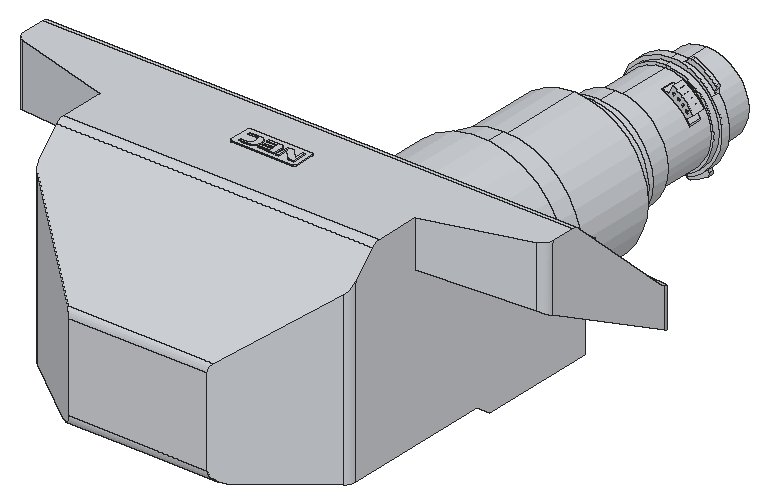
Revit family "NP-39ML", category Generic Models, Revit 2012
Parameters
  URL = "www.necdisplay.com"
  Signal Compatibility/Connectivity - Sync Compatibility = ""
  Signal Compatibility/Connectivity - Supported Video Standards = ""
  Signal Compatibility/Connectivity - Scan Rate, Vertical = ""
  Signal Compatibility/Connectivity - Scan Rate, Horizontal = ""
  Signal Compatibility/Connectivity - SD/HD Video Signal Compatibility = ""
  Signal Compatibility/Connectivity - PC Signal Compatibility = ""
  Signal Compatibility/Connectivity - Networking = ""
  Signal Compatibility/Connectivity - Macintosh Compatibility = ""
  Signal Compatibility/Connectivity - Input/Output Terminals RGB5 (digital) = ""
  Signal Compatibility/Connectivity - Input/Output Terminals RGB4 (digital) = ""
  Signal Compatibility/Connectivity - Input/Output Terminals RGB3 (digital) = ""
  Signal Compatibility/Connectivity - Input/Output Terminals RGB2 (analog) = ""
  Signal Compatibility/Connectivity - Input/Output Terminals RGB1 (analog) = ""
  Signal Compatibility/Connectivity - Input/Output Terminals Option Slot = ""
  Signal Compatibility/Connectivity - Input/Output Terminals Monitor Out = ""
  Signal Compatibility/Connectivity - External Control = ""
  Signal Compatibility/Connectivity - 3D Sync Line = ""
  Regulations = ""
  Power Requirements = ""
  Power Consumption (ECO off/ECO Mode/Standby/Standby-Power Saving = ""
  Optional Lenses = ""
  Optical - Throw Area NP33ZL = ""
  Optical - Throw Area NP34ZL = ""
  Optical - Throw Area NP35ZL = ""
  Optical - Throw Area NP36FL = ""
  Optical - Throw Area NP37ZL = ""
  Optical - Throw Area NP38ZL = ""
  Optical - Screen Size (diagonal) = ""
  Optical - Resolution Native = ""
  Optical - Resolution Maximum = ""
  Optical - Projection Distance = ""
  Optical - Projection Angle = ""
  Optical - Light Output (lumens) = ""
  Optical - Lens* Zoom Ratio = ""
  Optical - Lens* Zoom = ""
  Optical - Lens* Shift = ""
  Optical - Lens* Focus = ""
  Optical - Lens* F-number, f-number NP33ZL = ""
  Optical - Lens* F-number, f-number NP34ZL = ""
  Optical - Lens* F-number, f-number NP35ZL = ""
  Optical - Lens* F-number, f-number NP36ZL = ""
  Optical - Lens* F-number, f-number NP37ZL = ""
  Optical - Lens* F-number, f-number NP38ZL = ""
  Optical - Keystone Correction = ""
  Optical - Display /Technology = ""
  Optical - Contrast Ratio (up to) = ""
  Net Weight = ""
  Model = "NP-39ML"
  Manufacturer = "NEC"
  Optical - Laser Life (up to) = ""
  Installation Orientation = ""
  Input Current = ""
  Fan Noise = ""
  Environmental - Storage = ""
  Environmental - Operating Temperature = ""
  Environmental - Humidity = ""
  Dimensions (WxDxH) = ""
  Description = ""
  * = ""
Reference planes (in)
  plane 1 "Center (Front/Back)": y = 0
  plane 2: z = 0
  plane 3 "Center (Left/Right)": x = 0
Forms (in)
  Extrusion 1, solid
    sketch origin (-2.48334, -7.63686, 0) x (1, 0, 0) y (0, 1, 0)
      loop
        line (3.1378, 11.60941) -> (3.07747, 11.60941) -> (3.07747, 11.38489) -> (2.90117, 11.58138)
        arc (2.90117, 11.58138) -> (2.87276, 11.60208) -> (2.83837, 11.60941) r 0.08438
        line (2.83837, 11.60941) -> (2.73346, 11.60941) -> (2.73346, 11.29285) -> (2.79415, 11.29285) -> (2.79415, 11.52483) -> (2.97721, 11.32184)
        arc (2.97721, 11.32184) -> (3.00672, 11.30042) -> (3.04239, 11.29285) r 0.08778
        line (3.04239, 11.29285) -> (3.1378, 11.29285) -> (3.1378, 11.60941)
      loop
        line (2.30125, 11.60969) -> (2.30125, 11.56219)
        arc (2.30125, 11.56219) -> (2.40463, 11.56432) -> (2.50799, 11.56153) r 2.17708
        arc (2.50799, 11.56153) -> (2.53613, 11.5486) -> (2.54761, 11.51985) r 0.04174
        line (2.54761, 11.51985) -> (2.54761, 11.46251) -> (2.32732, 11.46251) -> (2.32732, 11.41856) -> (2.54761, 11.41856) -> (2.54761, 11.33788) -> (2.30596, 11.33788) -> (2.30596, 11.29285) -> (2.67981, 11.29285) -> (2.67981, 11.53464)
        arc (2.67981, 11.53464) -> (2.65946, 11.58585) -> (2.6095, 11.60912) r 0.0746
        arc (2.6095, 11.60912) -> (2.45538, 11.6137) -> (2.30125, 11.60969) r 2.76498
      loop
        line (1.87658, 11.33421) -> (1.87658, 11.28322)
        arc (1.87658, 11.28322) -> (2.00495, 11.27385) -> (2.13327, 11.28387) r 0.85425
        arc (2.13327, 11.28387) -> (2.23635, 11.3395) -> (2.28118, 11.44771) r 0.17484
        arc (2.28118, 11.44771) -> (2.23635, 11.55592) -> (2.13327, 11.61155) r 0.17484
        arc (2.13327, 11.61155) -> (2.00281, 11.62157) -> (1.87234, 11.61155) r 0.85425
        line (1.87234, 11.61155) -> (1.87234, 11.56)
        arc (1.87234, 11.56) -> (1.97285, 11.57429) -> (2.07336, 11.56) r 0.36062
        arc (2.07336, 11.56) -> (2.10815, 11.54024) -> (2.13029, 11.50691) r 0.08627
        arc (2.13029, 11.50691) -> (2.13845, 11.47777) -> (2.14193, 11.44771) r 0.19174
        arc (2.14193, 11.44771) -> (2.13845, 11.41765) -> (2.13029, 11.3885) r 0.19174
        arc (2.13029, 11.3885) -> (2.10815, 11.35517) -> (2.07336, 11.33542) r 0.08627
        arc (2.07336, 11.33542) -> (1.97505, 11.32113) -> (1.87658, 11.33421) r 0.36062
    from 6.63 to 6.62
  Extrusion 2, solid
    sketch origin (-2.48334, -7.63686, 0) x (1, 0, 0) y (0, 1, 0)
      loop
        line (3.19622, 11.73065) -> (1.80252, 11.73065)
        arc (1.80252, 11.73065) -> (1.76494, 11.71509) -> (1.74937, 11.6775) r 0.05315
        line (1.74937, 11.6775) -> (1.74937, 11.22475)
        arc (1.74937, 11.22475) -> (1.76494, 11.18717) -> (1.80252, 11.1716) r 0.05315
        line (1.80252, 11.1716) -> (3.19622, 11.1716)
        arc (3.19622, 11.1716) -> (3.2338, 11.18717) -> (3.24937, 11.22475) r 0.05315
        line (3.24937, 11.22475) -> (3.24937, 11.6775)
        arc (3.24937, 11.6775) -> (3.2338, 11.71509) -> (3.19622, 11.73065) r 0.05315
    from 6.6063 to 6.62
  Revolve 3, solid
    sketch origin (0, 0, 0) x (0, 1, 0) y (0, 0, 1)
      loop
        line (10.49751, 4.00314) -> (9.80315, 4.00314) -> (9.80315, 2.23622) -> (15.28981, 2.23622) -> (15.28981, 3.33504) -> (15.1378, 3.33504) -> (15.1378, 3.27559) -> (13.72047, 3.27559) -> (13.72047, 3.4252) -> (13.14567, 3.4252) -> (13.14567, 3.5315) -> (12.9685, 3.5315) -> (12.9685, 3.56379) -> (12.94977, 3.59055) -> (12.55906, 3.59055) -> (12.52505, 3.61605) -> (12.52505, 3.9198) -> (10.49751, 3.9198) -> (10.49751, 4.00314)
      loop
        line (16.32456, 3.18504) -> (15.48666, 3.18504) -> (15.48666, 2.23622) -> (16.32456, 2.23622) -> (16.32456, 3.18504)
      axis (9.80315, 2.23622) -> (16.32456, 2.23622)
    angle from 0 to 360
  Revolve 4, solid
    sketch origin (0, 0, 0) x (0, 1, 0) y (0, 0, 1)
      loop
        arc (16.49263, 2.23622) -> (16.45009, 2.61723) -> (16.32456, 2.97947) r 1.72746
        line (16.32456, 2.97947) -> (16.32456, 2.23622) -> (16.49263, 2.23622)
      axis (16.32456, 2.23622) -> (16.49263, 2.23622)
    angle from 0 to 360
  Extrusion 5, solid
    sketch origin (0, 5.19302, 1.92126) x (-1, 0, 0) y (0, 1, 0)
      loop
        arc (1.1811, -1.91634) -> (1.15157, -1.94586) -> (1.1811, -1.97539) r 0.02953
        line (1.1811, -1.97539) -> (1.22327, -1.97539)
        arc (1.22327, -1.97539) -> (1.2666, -2.05722) -> (1.34843, -2.10055) r 0.15748
        line (1.34843, -2.10055) -> (1.34843, -2.14272)
        arc (1.34843, -2.14272) -> (1.37795, -2.17224) -> (1.40748, -2.14272) r 0.02953
        line (1.40748, -2.14272) -> (1.40748, -2.10055)
        arc (1.40748, -2.10055) -> (1.48931, -2.05722) -> (1.53264, -1.97539) r 0.15748
        line (1.53264, -1.97539) -> (1.5748, -1.97539)
        arc (1.5748, -1.97539) -> (1.60433, -1.94586) -> (1.5748, -1.91634) r 0.02953
        line (1.5748, -1.91634) -> (1.53264, -1.91634)
        arc (1.53264, -1.91634) -> (1.48931, -1.83451) -> (1.40748, -1.79118) r 0.15748
        line (1.40748, -1.79118) -> (1.40748, -1.74901)
        arc (1.40748, -1.74901) -> (1.37795, -1.71949) -> (1.34843, -1.74901) r 0.02953
        line (1.34843, -1.74901) -> (1.34843, -1.79118)
        arc (1.34843, -1.79118) -> (1.2666, -1.83451) -> (1.22327, -1.91634) r 0.15748
        line (1.22327, -1.91634) -> (1.1811, -1.91634)
      loop
        circle (1.37795, -1.94586) r 0.08858
      loop
        arc (-1.5748, -0.34153) -> (-1.60433, -0.37106) -> (-1.5748, -0.40059) r 0.02953
        line (-1.5748, -0.40059) -> (-1.53264, -0.40059)
        arc (-1.53264, -0.40059) -> (-1.48931, -0.48242) -> (-1.40748, -0.52575) r 0.15748
        line (-1.40748, -0.52575) -> (-1.40748, -0.56791)
        arc (-1.40748, -0.56791) -> (-1.37795, -0.59744) -> (-1.34843, -0.56791) r 0.02953
        line (-1.34843, -0.56791) -> (-1.34843, -0.52575)
        arc (-1.34843, -0.52575) -> (-1.2666, -0.48242) -> (-1.22327, -0.40059) r 0.15748
        line (-1.22327, -0.40059) -> (-1.1811, -0.40059)
        arc (-1.1811, -0.40059) -> (-1.15157, -0.37106) -> (-1.1811, -0.34153) r 0.02953
        line (-1.1811, -0.34153) -> (-1.22327, -0.34153)
        arc (-1.22327, -0.34153) -> (-1.2666, -0.25971) -> (-1.34843, -0.21637) r 0.15748
        line (-1.34843, -0.21637) -> (-1.34843, -0.17421)
        arc (-1.34843, -0.17421) -> (-1.37795, -0.14468) -> (-1.40748, -0.17421) r 0.02953
        line (-1.40748, -0.17421) -> (-1.40748, -0.21637)
        arc (-1.40748, -0.21637) -> (-1.48931, -0.25971) -> (-1.53264, -0.34153) r 0.15748
        line (-1.53264, -0.34153) -> (-1.5748, -0.34153)
      loop
        circle (-1.37795, -0.37106) r 0.08858
      loop
        arc (-1.53543, -1.91634) -> (-1.56496, -1.94586) -> (-1.53543, -1.97539) r 0.02953
        line (-1.53543, -1.97539) -> (-1.49231, -1.97539)
        arc (-1.49231, -1.97539) -> (-1.46147, -2.02938) -> (-1.40748, -2.06022) r 0.11811
        line (-1.40748, -2.06022) -> (-1.40748, -2.10335)
        arc (-1.40748, -2.10335) -> (-1.37795, -2.13287) -> (-1.34843, -2.10335) r 0.02953
        line (-1.34843, -2.10335) -> (-1.34843, -2.06022)
        arc (-1.34843, -2.06022) -> (-1.29444, -2.02938) -> (-1.26359, -1.97539) r 0.11811
        line (-1.26359, -1.97539) -> (-1.22047, -1.97539)
        arc (-1.22047, -1.97539) -> (-1.19094, -1.94586) -> (-1.22047, -1.91634) r 0.02953
        line (-1.22047, -1.91634) -> (-1.26359, -1.91634)
        arc (-1.26359, -1.91634) -> (-1.29444, -1.86235) -> (-1.34843, -1.83151) r 0.11811
        line (-1.34843, -1.83151) -> (-1.34843, -1.78838)
        arc (-1.34843, -1.78838) -> (-1.37795, -1.75886) -> (-1.40748, -1.78838) r 0.02953
        line (-1.40748, -1.78838) -> (-1.40748, -1.83151)
        arc (-1.40748, -1.83151) -> (-1.46147, -1.86235) -> (-1.49231, -1.91634) r 0.11811
        line (-1.49231, -1.91634) -> (-1.53543, -1.91634)
      loop
        circle (-1.37795, -1.94586) r 0.07874
      loop
        arc (1.22047, -0.34153) -> (1.19094, -0.37106) -> (1.22047, -0.40059) r 0.02953
        line (1.22047, -0.40059) -> (1.26359, -0.40059)
        arc (1.26359, -0.40059) -> (1.29444, -0.45458) -> (1.34843, -0.48542) r 0.11811
        line (1.34843, -0.48542) -> (1.34843, -0.52854)
        arc (1.34843, -0.52854) -> (1.37795, -0.55807) -> (1.40748, -0.52854) r 0.02953
        line (1.40748, -0.52854) -> (1.40748, -0.48542)
        arc (1.40748, -0.48542) -> (1.46147, -0.45458) -> (1.49231, -0.40059) r 0.11811
        line (1.49231, -0.40059) -> (1.53543, -0.40059)
        arc (1.53543, -0.40059) -> (1.56496, -0.37106) -> (1.53543, -0.34153) r 0.02953
        line (1.53543, -0.34153) -> (1.49231, -0.34153)
        arc (1.49231, -0.34153) -> (1.46147, -0.28755) -> (1.40748, -0.2567) r 0.11811
        line (1.40748, -0.2567) -> (1.40748, -0.21358)
        arc (1.40748, -0.21358) -> (1.37795, -0.18405) -> (1.34843, -0.21358) r 0.02953
        line (1.34843, -0.21358) -> (1.34843, -0.2567)
        arc (1.34843, -0.2567) -> (1.29444, -0.28755) -> (1.26359, -0.34153) r 0.11811
        line (1.26359, -0.34153) -> (1.22047, -0.34153)
      loop
        circle (1.37795, -0.37106) r 0.07874
    from 0 to 0.32283
  Extrusion 6, solid
    sketch origin (0, 0, 0) x (1, 0, 0) y (0, 0, 1)
      loop
        arc (-2.23622, 2.23622) -> (0, 0) -> (2.23622, 2.23622) r 2.23622
        line (2.23622, 2.23622) -> (-2.23622, 2.23622)
    from -9.80315 to -5.55174
  Extrusion 7, void
    sketch origin (0, 0, 0) x (0, 1, 0) y (0, 0, 1)
      loop
        line (8.35518, -0.32874) -> (5.58034, 1.64567) -> (9.80315, 1.64567) -> (9.80315, 3.05603) -> (7.50792, 4.27642) -> (7.50792, 2.39567) -> (5.19302, 2.39567) -> (5.19302, -0.32874) -> (8.35518, -0.32874)
    from -2.97244 to 2.97244
  Extrusion 8, solid
    sketch origin (0, 0, 0) x (0, 1, 0) y (0, 0, 1)
      loop
        line (7.64276, 4.44315) -> (7.64276, 2.98979) -> (9.80315, 2.98979) -> (9.80315, 4.33291)
        arc (9.80315, 4.33291) -> (9.77086, 4.41086) -> (9.69291, 4.44315) r 0.11024
        line (9.69291, 4.44315) -> (7.64276, 4.44315)
    from -2.64961 to 2.53937
  Extrusion 9, void
    sketch origin (0, 9.80315, 4.00314) x (0, 0, 1) y (-1, 0, 0)
      loop
        line (-1.06888, -1.84058) -> (-1.06888, -2.68984) -> (0.53943, -2.68984) -> (0.53943, 2.81016) -> (-1.06888, 2.81016) -> (-1.06888, 1.84058)
        arc (-1.06888, 1.84058) -> (0.20158, 0) -> (-1.06888, -1.84058) r 1.9685
    from 0 to 2.29523
  Extrusion 10, void
    sketch origin (0, 0, 0) x (0, 1, 0) y (0, 0, 1)
      loop
        line (8.45976, 3.77032) -> (7.60613, 4.2242) -> (7.60613, 2.9742) -> (9.80315, 2.9742) -> (9.80315, 3.05603) -> (8.45976, 3.77032)
    from -1.95465 to 1.9227
  Extrusion 11, solid
    sketch origin (0, 0, 0) x (0, 1, 0) y (0, 0, 1)
      loop
        arc (0.07841, 4.39391) -> (0.02038, 4.30706) -> (0, 4.20461) r 0.26772
        line (0, 4.20461) -> (0, 2.20002)
        arc (0, 2.20002) -> (0.08165, 2.00291) -> (0.27876, 1.92126) r 0.27876
        line (0.27876, 1.92126) -> (5.19302, 1.92126) -> (5.58034, 1.64567) -> (9.80315, 1.64567) -> (9.80315, 3.05603) -> (7.42664, 4.31964) -> (5.05162, 6.53438)
        arc (5.05162, 6.53438) -> (4.96716, 6.58767) -> (4.86904, 6.6063) r 0.26772
        line (4.86904, 6.6063) -> (2.40169, 6.6063)
        arc (2.40169, 6.6063) -> (2.29924, 6.58592) -> (2.21239, 6.52789) r 0.26772
        line (2.21239, 6.52789) -> (0.07841, 4.39391)
    from -6.5 to 6.5
  Extrusion 12, void
    sketch origin (0, 4.07141, 6.6063) x (-1, 0, 0) y (0, 1, 0)
      loop
        spline (6.08268, 0.23113) -> (6.0812, 0.20636) -> (6.0768, 0.18186) -> (6.06951, 0.15791) -> (6.05942, 0.13476) -> (6.04663, 0.11267) -> (6.0313, 0.09189) -> (6.01358, 0.07264) -> (5.99368, 0.05513) -> (5.9718, 0.03956) -> (5.9482, 0.02611) -> (5.92314, 0.01491) -> (5.89688, 0.00609)
        line (5.89688, 0.00609) -> (3.62205, -0.64268) -> (3.62205, -2.34641)
        arc (3.62205, -2.34641) -> (3.59498, -2.46373) -> (3.51923, -2.55731) r 0.26772
        line (3.51923, -2.55731) -> (1.41591, -4.2019) -> (1.41591, -4.60738) -> (6.91591, -4.60738) -> (6.91591, 6.14262) -> (2.64961, 6.14262) -> (2.64961, 4.47347) -> (5.85192, 3.66207)
        spline (5.85192, 3.66207) -> (5.88323, 3.65652) -> (5.91357, 3.64772) -> (5.9425, 3.63579) -> (5.96963, 3.6209) -> (5.99455, 3.60327) -> (6.01691, 3.58314) -> (6.0364, 3.5608) -> (6.05274, 3.53657) -> (6.0657, 3.5108) -> (6.07509, 3.48385) -> (6.08077, 3.4561) -> (6.08268, 3.42796)
        line (6.08268, 3.42796) -> (6.08268, 0.23113)
      loop
        line (-6.08268, 0.23113) -> (-6.08268, 3.42796)
        spline (-6.08268, 3.42796) -> (-6.08077, 3.4561) -> (-6.07509, 3.48385) -> (-6.0657, 3.5108) -> (-6.05274, 3.53657) -> (-6.0364, 3.5608) -> (-6.01691, 3.58314) -> (-5.99455, 3.60327) -> (-5.96963, 3.6209) -> (-5.9425, 3.63579) -> (-5.91357, 3.64772) -> (-5.88323, 3.65652) -> (-5.85192, 3.66207)
        line (-5.85192, 3.66207) -> (-2.64961, 4.47347) -> (-2.64961, 6.14262) -> (-6.91591, 6.14262) -> (-6.91591, -4.60738) -> (-1.41591, -4.60738) -> (-1.41591, -4.2019) -> (-3.51923, -2.55731)
        arc (-3.51923, -2.55731) -> (-3.59498, -2.46373) -> (-3.62205, -2.34641) r 0.26772
        line (-3.62205, -2.34641) -> (-3.62205, -0.64268) -> (-5.89688, 0.00609)
        spline (-5.89688, 0.00609) -> (-5.92314, 0.01491) -> (-5.9482, 0.02611) -> (-5.9718, 0.03956) -> (-5.99368, 0.05513) -> (-6.01358, 0.07264) -> (-6.0313, 0.09189) -> (-6.04663, 0.11267) -> (-6.05942, 0.13476) -> (-6.06951, 0.15791) -> (-6.0768, 0.18186) -> (-6.0812, 0.20636) -> (-6.08268, 0.23113)
    from -0.31301 to 5.11333
  Extrusion 13, solid
    sketch origin (0, 0, 0) x (1, 0, 0) y (0, 1, 0)
      loop
        line (-2.20472, 10.37402) -> (-2.20472, 10.03937) -> (-2.24409, 10.03937) -> (-2.28346, 10) -> (-2.28346, 9.80315) -> (-1.76692, 9.80315) -> (-1.76692, 10.49213) -> (-2.08661, 10.49213) -> (-2.20472, 10.37402)
      loop
        circle (-2.04724, 10.19685) r 0.06496
      loop
        line (2.20472, 10.37402) -> (2.08661, 10.49213) -> (1.76692, 10.49213) -> (1.76692, 9.80315) -> (2.28346, 9.80315) -> (2.28346, 10) -> (2.24409, 10.03937) -> (2.20472, 10.03937) -> (2.20472, 10.37402)
      loop
        circle (2.04724, 10.19685) r 0.06496
    from 2.25591 to 2.36131
  Extrusion 14, solid
    sketch origin (0, 9.80315, 4.00314) x (0, 0, -1) y (-1, 0, 0)
      loop
        line (1.64183, -2.2759) -> (1.64183, -1.76249)
        arc (1.64183, -1.76249) -> (1.40582, -1.72963) -> (1.17637, -1.66531) r 1.76692
        line (1.17637, -1.66531) -> (1.17637, -1.77165) -> (1.64183, -2.2759)
      loop
        line (1.64183, 2.2759) -> (1.17637, 1.77165) -> (1.17637, 1.66531)
        arc (1.17637, 1.66531) -> (1.40582, 1.72963) -> (1.64183, 1.76249) r 1.76692
        line (1.64183, 1.76249) -> (1.64183, 2.2759)
    from 0 to 0.09843
  Extrusion 15, void
    sketch origin (3.62205, 2.40169, 6.6063) x (0, -1, 0) y (0, 0, 1)
      loop
        line (-6.93135, -4.20131) -> (-6.34046, -5.3126) -> (-0.81388, -5.3126) -> (-0.81388, -1.0626) -> (-1.0283, -1.0626) -> (-6.93135, -4.20131)
    from -3.35076 to 0
  Extrusion 16, void
    sketch origin (-3.62205, 2.40169, 6.6063) x (0, -1, 0) y (0, 0, -1)
      loop
        line (-6.93135, 4.20131) -> (-1.0283, 1.0626) -> (-0.81388, 1.0626) -> (-0.81388, 5.3126) -> (-6.34046, 5.3126) -> (-6.93135, 4.20131)
    from -3.35076 to 0
  Extrusion 17, void
    sketch origin (0, 5.05162, 6.53438) x (0, -0.731354, 0.681998) y (-1, 0, 0)
      loop
        line (-0.00135, -5.62205) -> (-0.00135, 0) -> (-0.00135, 5.62205) -> (-3.13672, 5.62205) -> (-3.13672, 0) -> (-3.13672, -5.62205) -> (-0.00135, -5.62205)
      loop
        line (-0.01635, -5.60705) -> (-0.01635, 5.60705) -> (-3.12172, 5.60705) -> (-3.12172, -5.60705) -> (-0.01635, -5.60705)
    from 0 to 1
  Extrusion 18, solid
    sketch origin (0, 15.48666, 2.23622) x (-1, 0, 0) y (0, 0, 1)
      loop
        arc (0, -1.18168) -> (0.62334, -1.00167) -> (1.05847, -0.52109) r 1.17978
        arc (1.05847, -0.52109) -> (1.09213, -0.48775) -> (1.13919, -0.48229) r 0.07255
        arc (1.13919, -0.48229) -> (1.18731, -0.47534) -> (1.21885, -0.43834) r 0.06888
        arc (1.21885, -0.43834) -> (1.28824, -0.13482) -> (1.2832, 0.17648) r 1.29528
        arc (1.2832, 0.17648) -> (1.26048, 0.21846) -> (1.21573, 0.23509) r 0.06786
        arc (1.21573, 0.23509) -> (1.16986, 0.25069) -> (1.14328, 0.2912) r 0.07449
        arc (1.14328, 0.2912) -> (0.724, 0.93151) -> (0, 1.18168) r 1.17978
        arc (0, 1.18168) -> (-0.12414, 1.17514) -> (-0.2469, 1.1556) r 1.18168
        arc (-0.2469, 1.1556) -> (-0.2901, 1.161) -> (-0.32061, 1.19206) r 0.06622
        arc (-0.32061, 1.19206) -> (-0.35714, 1.22726) -> (-0.40783, 1.2294) r 0.07155
        arc (-0.40783, 1.2294) -> (-0.69446, 1.09337) -> (-0.93943, 0.89175) r 1.29528
        arc (-0.93943, 0.89175) -> (-0.95983, 0.84447) -> (-0.9448, 0.79523) r 0.07469
        arc (-0.9448, 0.79523) -> (-0.93044, 0.75261) -> (-0.94464, 0.70995) r 0.07079
        arc (-0.94464, 0.70995) -> (-1.17701, -0.10494) -> (-0.80414, -0.86587) r 1.18168
        arc (-0.80414, -0.86587) -> (-0.78424, -0.90407) -> (-0.79296, -0.94626) r 0.06422
        arc (-0.79296, -0.94626) -> (-0.80175, -0.9954) -> (-0.77522, -1.03768) r 0.06925
        arc (-0.77522, -1.03768) -> (-0.57989, -1.15822) -> (-0.36635, -1.24239) r 1.29528
        arc (-0.36635, -1.24239) -> (-0.31583, -1.239) -> (-0.27962, -1.2036) r 0.07311
        arc (-0.27962, -1.2036) -> (-0.24809, -1.17096) -> (-0.20323, -1.16407) r 0.07103
        arc (-0.20323, -1.16407) -> (-0.10199, -1.17727) -> (0, -1.18168) r 1.18168
    from -0.19685 to 0
  Extrusion 19, void
    sketch origin (0, 15.28981, 2.23622) x (-1, 0, 0) y (0, 0, 1)
      loop
        arc (1.05847, -0.52109) -> (1.09213, -0.48775) -> (1.13919, -0.48229) r 0.07255
        arc (1.13919, -0.48229) -> (1.18731, -0.47534) -> (1.21885, -0.43834) r 0.06888
        arc (1.21885, -0.43834) -> (1.28824, -0.13482) -> (1.2832, 0.17648) r 1.29528
        arc (1.2832, 0.17648) -> (1.26048, 0.21846) -> (1.21573, 0.23509) r 0.06786
        arc (1.21573, 0.23509) -> (1.16986, 0.25069) -> (1.14328, 0.2912) r 0.07449
        arc (1.14328, 0.2912) -> (1.1734, -0.12252) -> (1.05847, -0.52109) r 1.17978
      loop
        arc (-0.40783, 1.2294) -> (-0.69446, 1.09337) -> (-0.93943, 0.89175) r 1.29528
        arc (-0.93943, 0.89175) -> (-0.95983, 0.84447) -> (-0.9448, 0.79523) r 0.07469
        arc (-0.9448, 0.79523) -> (-0.93044, 0.75261) -> (-0.94464, 0.70995) r 0.07079
        arc (-0.94464, 0.70995) -> (-0.63607, 0.99588) -> (-0.2469, 1.1556) r 1.18168
        arc (-0.2469, 1.1556) -> (-0.2901, 1.161) -> (-0.32061, 1.19206) r 0.06622
        arc (-0.32061, 1.19206) -> (-0.35714, 1.22726) -> (-0.40783, 1.2294) r 0.07155
      loop
        arc (-0.27962, -1.2036) -> (-0.24809, -1.17096) -> (-0.20323, -1.16407) r 0.07103
        arc (-0.20323, -1.16407) -> (-0.37688, -1.11997) -> (-0.54187, -1.05012) r 1.18168
        arc (-0.54187, -1.05012) -> (-0.67928, -0.96693) -> (-0.80414, -0.86587) r 1.18168
        arc (-0.80414, -0.86587) -> (-0.78424, -0.90407) -> (-0.79296, -0.94626) r 0.06422
        arc (-0.79296, -0.94626) -> (-0.80175, -0.9954) -> (-0.77522, -1.03768) r 0.06925
        arc (-0.77522, -1.03768) -> (-0.57989, -1.15822) -> (-0.36635, -1.24239) r 1.29528
        arc (-0.36635, -1.24239) -> (-0.31583, -1.239) -> (-0.27962, -1.2036) r 0.07311
    from 0.10995 to 0
  Extrusion 20, solid
    sketch origin (0, 13.14567, 2.23622) x (-1, 0, 0) y (0, 0, 1)
      loop
        arc (1.16363, -0.56896) -> (1.0608, -0.74327) -> (0.93207, -0.89944) r 1.29528
        line (0.93207, -0.89944) -> (0.97456, -0.94193)
        arc (0.97456, -0.94193) -> (0.98856, -0.95963) -> (0.99055, -0.9821) r 0.03937
        arc (0.99055, -0.9821) -> (0.993, -1.0057) -> (1.00857, -1.02361) r 0.03937
        arc (1.00857, -1.02361) -> (1.1124, -1.18511) -> (1.17086, -1.36799) r 0.73512
        arc (1.17086, -1.36799) -> (1.16214, -1.41191) -> (1.12585, -1.43813) r 0.0612
        arc (1.12585, -1.43813) -> (1.0761, -1.45576) -> (1.03025, -1.48191) r 0.29685
        arc (1.03025, -1.48191) -> (0.92611, -1.54913) -> (0.81761, -1.60904) r 1.80485
        arc (0.81761, -1.60904) -> (0.63419, -1.56486) -> (0.51817, -1.4161) r 0.28609
        arc (0.51817, -1.4161) -> (0.48316, -1.37566) -> (0.42986, -1.37121) r 0.07085
        arc (0.42986, -1.37121) -> (0.31327, -1.40245) -> (0.19446, -1.42379) r 1.43701
        line (0.19446, -1.42379) -> (0.14755, -1.42379)
        arc (0.14755, -1.42379) -> (0.12082, -1.40988) -> (0.11176, -1.38114) r 0.03937
        line (0.11176, -1.38114) -> (0.11975, -1.28973)
        arc (0.11975, -1.28973) -> (-0.09755, -1.2916) -> (-0.31212, -1.25711) r 1.29528
        line (-0.31212, -1.25711) -> (-0.32994, -1.46086)
        arc (-0.32994, -1.46086) -> (-0.32343, -1.48621) -> (-0.30246, -1.50188) r 0.03937
        line (-0.30246, -1.50188) -> (0.1947, -1.65713) -> (0.32863, -1.83167)
        arc (0.32863, -1.83167) -> (0.36408, -1.8577) -> (0.40796, -1.86065) r 0.07874
        arc (0.40796, -1.86065) -> (0.76222, -1.7457) -> (1.08733, -1.56402) r 1.90485
        arc (1.08733, -1.56402) -> (1.1344, -1.53995) -> (1.18616, -1.52927) r 0.19685
        arc (1.18616, -1.52927) -> (1.29761, -1.48295) -> (1.35831, -1.37864) r 0.18898
        arc (1.35831, -1.37864) -> (1.37576, -1.32875) -> (1.40587, -1.2853) r 0.19685
        arc (1.40587, -1.2853) -> (1.42815, -1.26049) -> (1.45, -1.2353) r 1.90485
        arc (1.45, -1.2353) -> (1.46877, -1.18625) -> (1.45253, -1.1363) r 0.07874
        line (1.45253, -1.1363) -> (1.36219, -1.01857)
        arc (1.36219, -1.01857) -> (1.34831, -0.99485) -> (1.34073, -0.96844) r 0.11019
        line (1.34073, -0.96844) -> (1.29521, -0.67586)
        arc (1.29521, -0.67586) -> (1.28972, -0.6611) -> (1.27889, -0.64966) r 0.03937
        line (1.27889, -0.64966) -> (1.16363, -0.56896)
    from 0.04331 to 0
  Extrusion 21, solid
    sketch origin (0, 13.14567, 2.23622) x (1, 0, 0) y (0, 0, 1)
      loop
        line (-1.16363, -0.56896) -> (-1.20426, -0.59741)
        arc (-1.20426, -0.59741) -> (-1.09847, -0.77491) -> (-0.96674, -0.9341) r 1.34429
        line (-0.96674, -0.9341) -> (-0.93207, -0.89944)
        arc (-0.93207, -0.89944) -> (-1.0608, -0.74327) -> (-1.16363, -0.56896) r 1.29528
      loop
        line (-0.11975, -1.28973) -> (-0.11541, -1.33933)
        arc (-0.11541, -1.33933) -> (0.10184, -1.34043) -> (0.31644, -1.30652) r 1.34429
        line (0.31644, -1.30652) -> (0.31212, -1.25711)
        arc (0.31212, -1.25711) -> (0.09755, -1.2916) -> (-0.11975, -1.28973) r 1.29528
    from 0.17717 to 0
  Extrusion 22, solid
    sketch origin (0, 0, 0) x (1, 0, 0) y (0, 0, 1)
      loop
        arc (-0.91246, 0.63609) -> (-0.75623, 0.55429) -> (-0.59325, 0.48695) r 1.94882
        arc (-0.59325, 0.48695) -> (-0.56881, 0.48619) -> (-0.54864, 0.50001) r 0.03937
        line (-0.54864, 0.50001) -> (-0.39481, 0.70049)
        arc (-0.39481, 0.70049) -> (-0.38311, 0.74415) -> (-0.40571, 0.78329) r 0.05906
        line (-0.40571, 0.78329) -> (-0.57409, 0.9125)
        arc (-0.57409, 0.9125) -> (-0.6652, 0.95779) -> (-0.75315, 1.00897) r 1.54724
        arc (-0.75315, 1.00897) -> (-0.77788, 1.03002) -> (-0.79555, 1.05726) r 0.11231
        arc (-0.79555, 1.05726) -> (-0.85598, 1.12927) -> (-0.94469, 1.16039) r 0.17776
        arc (-0.94469, 1.16039) -> (-0.96, 1.16469) -> (-0.97236, 1.17472) r 0.03929
        arc (-0.97236, 1.17472) -> (-1.00345, 1.18916) -> (-1.03407, 1.17376) r 0.03937
        line (-1.03407, 1.17376) -> (-1.22002, 0.93143)
        arc (-1.22002, 0.93143) -> (-1.23193, 0.88961) -> (-1.21198, 0.85097) r 0.05906
        arc (-1.21198, 0.85097) -> (-1.14571, 0.79573) -> (-1.07707, 0.74348) r 1.94882
        arc (-1.07707, 0.74348) -> (-1.01151, 0.66411) -> (-0.91246, 0.63609) r 0.17283
    from -13.65354 to -13.18898
  Extrusion 23, solid
    sketch origin (0, 13.65354, 0) x (-1, 0, 0) y (0, 0, 1)
      loop
        arc (0.41769, 0.76768) -> (0.45109, 0.59481) -> (0.60943, 0.5178) r 0.19685
        line (0.60943, 0.5178) -> (0.79683, 0.6616)
        arc (0.79683, 0.6616) -> (0.76343, 0.83448) -> (0.6051, 0.91148) r 0.19685
        line (0.6051, 0.91148) -> (0.41769, 0.76768)
    from 0.59055 to 0
  Revolve 24, solid
    sketch origin (-0.97552, -0.00081, 0) x (0, 1, 0) y (0, 0, 1)
      loop
        line (12.88976, 0.90994) -> (12.9685, 0.90994) -> (12.9685, 0.85759) -> (13.1465, 0.85759) -> (13.1465, 0.93722) -> (12.52586, 0.93722) -> (12.52586, 0.88189) -> (12.59205, 0.88189) -> (12.63414, 0.85759) -> (12.74983, 0.85759) -> (12.74983, 0.82559) -> (12.78346, 0.82559) -> (12.78346, 0.71711) -> (12.84725, 0.71711) -> (12.84725, 0.82559) -> (12.88976, 0.82559) -> (12.88976, 0.90994)
      axis (13.1465, 0.93722) -> (12.52586, 0.93722)
    angle from 0 to 360
  Extrusion 25, solid
    sketch origin (0, 10.49751, 2.23622) x (-1, 0, 0) y (0, 0, 1)
      loop
        line (-0.08567, -1.90814) -> (0.55476, -2.06396)
        arc (0.55476, -2.06396) -> (0.58662, -2.08003) -> (0.60811, -2.10851) r 0.07874
        arc (0.60811, -2.10851) -> (0.64847, -2.14835) -> (0.70496, -2.15122) r 0.07874
        arc (0.70496, -2.15122) -> (0.7279, -2.14356) -> (0.75076, -2.13566) r 2.26378
        arc (0.75076, -2.13566) -> (0.7841, -2.13154) -> (0.81613, -2.14169) r 0.07874
        arc (0.81613, -2.14169) -> (0.99708, -2.14961) -> (1.10791, -2.00635) r 0.19685
        arc (1.10791, -2.00635) -> (1.12084, -1.97534) -> (1.14553, -1.95255) r 0.07874
        arc (1.14553, -1.95255) -> (1.44803, -1.74009) -> (1.71191, -1.48123) r 2.26378
        arc (1.71191, -1.48123) -> (1.72432, -1.4617) -> (1.73051, -1.4394) r 0.07874
        line (1.73051, -1.4394) -> (1.88558, -0.18846)
        arc (1.88558, -0.18846) -> (1.87076, -0.13198) -> (1.82111, -0.10123) r 0.07874
        line (1.82111, -0.10123) -> (1.68183, -0.07668)
        arc (1.68183, -0.07668) -> (1.10812, -1.26749) -> (-0.14866, -1.67701) r 1.68358
        line (-0.14866, -1.67701) -> (-0.13998, -1.84264)
        arc (-0.13998, -1.84264) -> (-0.12367, -1.88439) -> (-0.08567, -1.90814) r 0.07125
    from 0.66728 to 0.71115
  Extrusion 26, solid
    sketch origin (-0.17399, 0, -0.16144) x (1, 0, 0) y (0, 0, 1)
      loop
        arc (-0.91246, 0.63609) -> (-0.75623, 0.55429) -> (-0.59325, 0.48695) r 1.94882
        arc (-0.59325, 0.48695) -> (-0.56881, 0.48619) -> (-0.54864, 0.50001) r 0.03937
        line (-0.54864, 0.50001) -> (-0.39481, 0.70049)
        arc (-0.39481, 0.70049) -> (-0.38311, 0.74415) -> (-0.40571, 0.78329) r 0.05906
        line (-0.40571, 0.78329) -> (-0.57409, 0.9125)
        arc (-0.57409, 0.9125) -> (-0.6652, 0.95779) -> (-0.75315, 1.00897) r 1.54724
        arc (-0.75315, 1.00897) -> (-0.77788, 1.03002) -> (-0.79555, 1.05726) r 0.11231
        arc (-0.79555, 1.05726) -> (-0.85598, 1.12927) -> (-0.94469, 1.16039) r 0.17776
        arc (-0.94469, 1.16039) -> (-0.96, 1.16469) -> (-0.97236, 1.17472) r 0.03929
        arc (-0.97236, 1.17472) -> (-1.00345, 1.18916) -> (-1.03407, 1.17376) r 0.03937
        line (-1.03407, 1.17376) -> (-1.22002, 0.93143)
        arc (-1.22002, 0.93143) -> (-1.23193, 0.88961) -> (-1.21198, 0.85097) r 0.05906
        arc (-1.21198, 0.85097) -> (-1.14571, 0.79573) -> (-1.07707, 0.74348) r 1.94882
        arc (-1.07707, 0.74348) -> (-1.01151, 0.66411) -> (-0.91246, 0.63609) r 0.17283
    from -10.69685 to -11.16142
  Extrusion 27, solid
    sketch origin (-0.45607, 10.69685, -0.00551) x (-1, 0, 0) y (0, 0, 1)
      loop
        arc (0.41769, 0.76768) -> (0.45109, 0.59481) -> (0.60943, 0.5178) r 0.19685
        line (0.60943, 0.5178) -> (0.79683, 0.6616)
        arc (0.79683, 0.6616) -> (0.76343, 0.83448) -> (0.6051, 0.91148) r 0.19685
        line (0.6051, 0.91148) -> (0.41769, 0.76768)
    from -0.58392 to 0
  Revolve 28, solid
    sketch origin (-0.97552, 24.36075, -0.47878) x (0, -1, 0) y (0, 0, -1)
      loop
        line (12.88976, -0.90994) -> (12.88976, -0.82559) -> (12.84725, -0.82559) -> (12.84725, -0.71711) -> (12.78346, -0.71711) -> (12.78346, -0.82559) -> (12.74983, -0.82559) -> (12.74983, -0.85759) -> (12.63414, -0.85759) -> (12.59205, -0.88189) -> (12.52586, -0.88189) -> (12.52586, -0.93722) -> (13.1877, -0.93722) -> (13.1877, -0.85759) -> (12.9685, -0.85759) -> (12.9685, -0.90994) -> (12.88976, -0.90994)
      axis (13.1877, -0.93722) -> (12.52586, -0.93722)
    angle from 0 to 360
  Extrusion 29, void
    sketch origin (0, 11.20866, 2.23622) x (1, 0, 0) y (0, 0, 1)
      loop
        arc (-1.11279, -1.74995) -> (-1.02266, -1.90967) -> (-0.85171, -1.84325) r 0.14006
        line (-0.85171, -1.84325) -> (-0.68925, -1.53603)
        arc (-0.68925, -1.53603) -> (-0.86474, -1.44453) -> (-1.02827, -1.33308) r 1.68358
        line (-1.02827, -1.33308) -> (-1.11279, -1.74995)
    from 0.04724 to 0
  Extrusion 30, solid
    sketch origin (0, 0, 0) x (1, 0, 0) y (0, 0, 1)
      loop
        arc (1.13741, 2.97141) -> (0.93229, 3.21859) -> (0.67474, 3.4105) r 1.35433
        line (0.67474, 3.4105) -> (0.57313, 3.21533) -> (0.44995, 3.27017) -> (0.41757, 3.26164)
        arc (0.41757, 3.26164) -> (0.78856, 3.0473) -> (1.063, 2.71826) r 1.22441
        line (1.063, 2.71826) -> (1.063, 2.753) -> (0.99131, 2.86131) -> (1.13741, 2.97141)
      loop
        circle (0.71661, 3.26115) r 0.03543
      loop
        circle (0.82323, 3.18719) r 0.03543
      loop
        circle (0.92228, 3.10334) r 0.03543
      loop
        circle (1.01283, 3.01039) r 0.03543
    from -14.8004 to -14.50512
Cuts and joins
  Extrusion 7 cuts Extrusion 6
  Extrusion 9, Extrusion 10 cuts Extrusion 8
  Extrusion 10, Extrusion 29 cuts Revolve 3
  Extrusion 12, Extrusion 15, Extrusion 16, Extrusion 17 cuts Extrusion 11
  Extrusion 19 cuts Extrusion 18
  Extrusion 29 cuts Extrusion 25
  Extrusion 29 cuts Revolve 28
Dimensions and locks (in)
  aligned and locked: level to plane 2
  aligned and locked: Extrusion 2 to Extrusion 1
